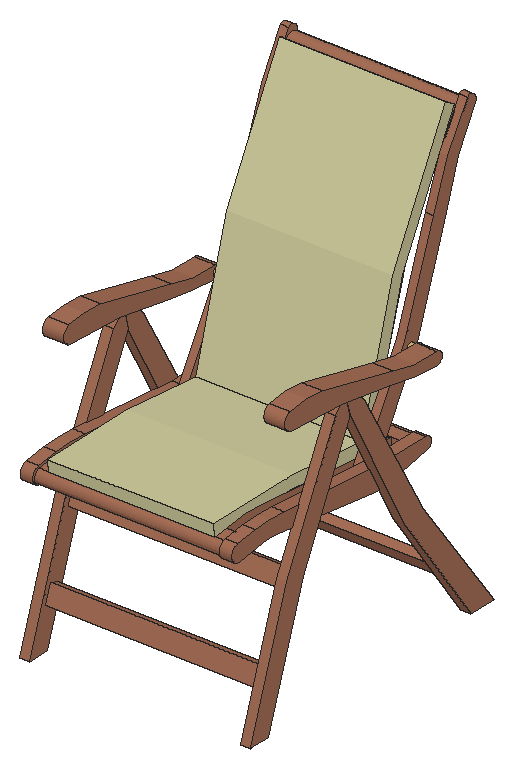
Revit family
Parameters
  vulring = vulring messing
  stoel = hout
  kussen visible [instance] = yes
  kussen [instance] = kussen
  diepte = 800 mm
  corner back [instance] = 120.00°
  breedte = 510 mm
  URL = "www.revitlog.nl"
Reference planes
  plane 1 "Center (Front/Back)": y = 0
  plane 2: z = 0
  plane 3 "Center (Left/Right)": x = 0
  plane 4 "zittinghoogte": z = 450
  plane 5 "voorzijde": y = -400
  plane 6 "achterzijde": y = 400
  plane 7 "links": x = -255
  plane 8 "rechts": x = 255
  plane 9: x = 200
  plane 10: x = -200
  plane 11: z = 396.869
  plane 12: y = 52.716
  plane 13: through (0, 52.716, 396.869) normal (0, 0.3746, 0.9272)
  plane 14: z = 632.702
  plane 15: y = -74.126
  plane 16: x = -267
  plane 17: x = 267
Forms (mm)
  Extrusion 1, solid, material "hout" <- "stoel"
    sketch origin (255, -778.439, 1200) x (0, -1, 0) y (0, 0, 1)
      loop
        line (-836.918, -780) -> (-966.655, -780)
        arc (-966.655, -780) -> (-981.59, -793.6) -> (-969.443, -809.739) r 15
        line (-969.443, -809.739) -> (-865.135, -829.464)
        arc (-865.135, -829.464) -> (-836.853, -832.525) -> (-808.441, -831.091) r 180
        line (-808.441, -831.091) -> (-517.882, -793.248)
        arc (-517.882, -793.248) -> (-495.458, -791.782) -> (-473.03, -793.202) r 175
        line (-473.03, -793.202) -> (-403.363, -802.133)
        arc (-403.363, -802.133) -> (-380.982, -784.838) -> (-398.277, -762.457) r 20
        line (-398.277, -762.457) -> (-451.548, -755.629)
        arc (-451.548, -755.629) -> (-495.507, -752.383) -> (-539.56, -753.875) r 410
        line (-539.56, -753.875) -> (-836.918, -780)
    from 0 to 30
  Extrusion 2, solid, material "hout" <- "stoel"
    sketch origin (-255, -778.439, 1200) x (0, -1, 0) y (0, 0, 1)
      loop
        line (-836.918, -780) -> (-966.655, -780)
        arc (-966.655, -780) -> (-981.59, -793.6) -> (-969.443, -809.739) r 15
        line (-969.443, -809.739) -> (-865.135, -829.464)
        arc (-865.135, -829.464) -> (-836.853, -832.525) -> (-808.441, -831.091) r 180
        line (-808.441, -831.091) -> (-517.882, -793.248)
        arc (-517.882, -793.248) -> (-495.458, -791.782) -> (-473.03, -793.202) r 175
        line (-473.03, -793.202) -> (-403.363, -802.133)
        arc (-403.363, -802.133) -> (-380.982, -784.838) -> (-398.277, -762.457) r 20
        line (-398.277, -762.457) -> (-451.548, -755.629)
        arc (-451.548, -755.629) -> (-495.507, -752.383) -> (-539.56, -753.875) r 410
        line (-539.56, -753.875) -> (-836.918, -780)
    from 0 to -30
  Extrusion 3, solid, material "hout" <- "stoel"
    sketch origin (0, 0, 0) x (0, 1, 0) y (0, 0, 1)
      loop
        line (-347.049, 438.763) -> (-379.781, 434.567)
        arc (-379.781, 434.567) -> (-394.481, 415.544) -> (-375.458, 400.843) r 17
        line (-375.458, 400.843) -> (-342.726, 405.039) -> (-347.049, 438.763)
    from -225 to 225
  Extrusion 4, solid, material "hout" <- "stoel"
    sketch origin (0, 0, 0) x (0, 1, 0) y (0, 0, 1)
      loop
        arc (188.216, 392.734) -> (200.349, 404.867) -> (188.216, 417) r 12.133
        line (188.216, 417) -> (150.216, 417) -> (150.216, 392.734) -> (188.216, 392.734)
    from -225 to 225
  Extrusion 5, solid, material "hout" <- "stoel"
    sketch origin (0, 0, 0) x (0, 1, 0) y (0, 0, 1)
      loop
        line (150.216, 415) -> (58.26, 415) -> (-239.317, 441.145)
        arc (-239.317, 441.145) -> (-282.833, 442.618) -> (-326.256, 439.412) r 405
        line (-326.256, 439.412) -> (-346.794, 436.779) -> (-343.997, 414.958) -> (-323.459, 417.59)
        arc (-323.459, 417.59) -> (-282.395, 420.623) -> (-241.242, 419.229) r 383
        line (-241.242, 419.229) -> (57.295, 393) -> (150.216, 393) -> (150.216, 415)
    from -200 to -165
  Extrusion 6, solid, material "hout" <- "stoel"
    sketch origin (320, 0, 0) x (0, 1, 0) y (0, 0, 1)
      loop
        line (150.216, 415) -> (58.26, 415) -> (-239.317, 441.145)
        arc (-239.317, 441.145) -> (-282.833, 442.618) -> (-326.256, 439.412) r 405
        line (-326.256, 439.412) -> (-346.794, 436.779) -> (-343.997, 414.958) -> (-323.459, 417.59)
        arc (-323.459, 417.59) -> (-282.395, 420.623) -> (-241.242, 419.229) r 383
        line (-241.242, 419.229) -> (57.295, 393) -> (150.216, 393) -> (150.216, 415)
    from -120 to -155
  Extrusion 7, solid, material "hout" <- "stoel"
    sketch origin (0, -1.735, 91.813) x (0, 0.994972, 0.100151) y (0, -0.100151, 0.994972)
      loop
        line (-273.781, 377.197) -> (-293.781, 377.197) -> (-293.781, 357.197) -> (-273.781, 357.197) -> (-273.781, 377.197)
    from -165 to 165
  Extrusion 8, solid, material "hout" <- "stoel"
    sketch origin (0, 16.804, 79.832) x (0, 0.998524, 0.054303) y (0, -0.054303, 0.998524)
      loop
        line (-273.781, 377.197) -> (-293.781, 377.197) -> (-293.781, 357.197) -> (-273.781, 357.197) -> (-273.781, 377.197)
    from -165 to 165
  Extrusion 9, solid, material "hout" <- "stoel"
    sketch origin (0, 16.407, 52.341) x (0, 0.999202, -0.039941) y (0, 0.039941, 0.999202)
      loop
        line (-273.781, 377.197) -> (-293.781, 377.197) -> (-293.781, 357.197) -> (-273.781, 357.197) -> (-273.781, 377.197)
    from -165 to 165
  Extrusion 10, solid, material "hout" <- "stoel"
    sketch origin (0, 32.997, 37.938) x (0, 0.996271, -0.086277) y (0, 0.086277, 0.996271)
      loop
        line (-273.781, 377.197) -> (-293.781, 377.197) -> (-293.781, 357.197) -> (-273.781, 357.197) -> (-273.781, 377.197)
    from -165 to 165
  Extrusion 11, solid, material "hout" <- "stoel"
    sketch origin (0, 67.862, 34.874) x (0, 0.996271, -0.086277) y (0, 0.086277, 0.996271)
      loop
        line (-273.781, 377.197) -> (-293.781, 377.197) -> (-293.781, 357.197) -> (-273.781, 357.197) -> (-273.781, 377.197)
    from -165 to 165
  Extrusion 12, solid, material "hout" <- "stoel"
    sketch origin (0, 102.728, 31.811) x (0, 0.996271, -0.086277) y (0, 0.086277, 0.996271)
      loop
        line (-273.781, 377.197) -> (-293.781, 377.197) -> (-293.781, 357.197) -> (-273.781, 357.197) -> (-273.781, 377.197)
    from -165 to 165
  Extrusion 13, solid, material "hout" <- "stoel"
    sketch origin (0, 137.594, 28.748) x (0, 0.996271, -0.086277) y (0, 0.086277, 0.996271)
      loop
        line (-273.781, 377.197) -> (-293.781, 377.197) -> (-293.781, 357.197) -> (-273.781, 357.197) -> (-273.781, 377.197)
    from -165 to 165
  Extrusion 14, solid, material "hout" <- "stoel"
    sketch origin (0, 172.459, 25.685) x (0, 0.996271, -0.086277) y (0, 0.086277, 0.996271)
      loop
        line (-273.781, 377.197) -> (-293.781, 377.197) -> (-293.781, 357.197) -> (-273.781, 357.197) -> (-273.781, 377.197)
    from -165 to 165
  Extrusion 15, solid, material "hout" <- "stoel"
    sketch origin (0, 207.325, 22.621) x (0, 0.996271, -0.086277) y (0, 0.086277, 0.996271)
      loop
        line (-273.781, 377.197) -> (-293.781, 377.197) -> (-293.781, 357.197) -> (-273.781, 357.197) -> (-273.781, 377.197)
    from -165 to 165
  Extrusion 16, solid, material "hout" <- "stoel"
    sketch origin (0, 242.191, 19.558) x (0, 0.996271, -0.086277) y (0, 0.086277, 0.996271)
      loop
        line (-273.781, 377.197) -> (-293.781, 377.197) -> (-293.781, 357.197) -> (-273.781, 357.197) -> (-273.781, 377.197)
    from -165 to 165
  Extrusion 17, solid, material "hout" <- "stoel"
    sketch origin (0, 277.056, 16.495) x (0, 0.996271, -0.086277) y (0, 0.086277, 0.996271)
      loop
        line (-273.781, 377.197) -> (-293.781, 377.197) -> (-293.781, 357.197) -> (-273.781, 357.197) -> (-273.781, 377.197)
    from -165 to 165
  Extrusion 18, solid, material "hout" <- "stoel"
    sketch origin (0, 332.656, 27.615) x (0, 0.999478, -0.0323) y (0, 0.0323, 0.999478)
      loop
        line (-273.781, 377.197) -> (-293.781, 377.197) -> (-293.781, 357.197) -> (-273.781, 357.197) -> (-273.781, 377.197)
    from -165 to 165
  Extrusion 19, solid, material "hout" <- "stoel"
    sketch origin (0, 379.993, 36.908) x (0, 1, 0) y (0, 0, 1)
      loop
        line (-273.781, 377.197) -> (-293.781, 377.197) -> (-293.781, 357.197) -> (-273.781, 357.197) -> (-273.781, 377.197)
    from -165 to 165
  Extrusion 20, solid, material "hout" <- "stoel"
    sketch origin (0, 414.993, 36.908) x (0, 1, 0) y (0, 0, 1)
      loop
        line (-273.781, 377.197) -> (-293.781, 377.197) -> (-293.781, 357.197) -> (-273.781, 357.197) -> (-273.781, 377.197)
    from -165 to 165
  Extrusion 21, solid, material "hout" <- "stoel", not visible
    sketch origin (0, 32.997, 37.938) x (0, 0.996271, -0.086277) y (0, 0.086277, 0.996271)
      loop
        line (-273.781, 377.197) -> (-293.781, 377.197) -> (-293.781, 357.197) -> (-273.781, 357.197) -> (-273.781, 377.197)
    from -165 to 165
  Extrusion 22, solid, material "hout" <- "stoel", not visible
    sketch origin (255, -778.439, 1200) x (0, -1, 0) y (0, 0, 1)
      loop
        line (-836.918, -780) -> (-966.655, -780)
        arc (-966.655, -780) -> (-981.59, -793.6) -> (-969.443, -809.739) r 15
        line (-969.443, -809.739) -> (-865.135, -829.464)
        arc (-865.135, -829.464) -> (-836.853, -832.525) -> (-808.441, -831.091) r 180
        line (-808.441, -831.091) -> (-517.882, -793.248)
        arc (-517.882, -793.248) -> (-495.458, -791.782) -> (-473.03, -793.202) r 175
        line (-473.03, -793.202) -> (-403.363, -802.133)
        arc (-403.363, -802.133) -> (-380.982, -784.838) -> (-398.277, -762.457) r 20
        line (-398.277, -762.457) -> (-451.548, -755.629)
        arc (-451.548, -755.629) -> (-495.507, -752.383) -> (-539.56, -753.875) r 410
        line (-539.56, -753.875) -> (-836.918, -780)
    from 0 to 30
  Extrusion 23, solid, material "hout" <- "stoel", not visible
    sketch origin (-255, -778.439, 1200) x (0, -1, 0) y (0, 0, 1)
      loop
        line (-836.918, -780) -> (-966.655, -780)
        arc (-966.655, -780) -> (-981.59, -793.6) -> (-969.443, -809.739) r 15
        line (-969.443, -809.739) -> (-865.135, -829.464)
        arc (-865.135, -829.464) -> (-836.853, -832.525) -> (-808.441, -831.091) r 180
        line (-808.441, -831.091) -> (-517.882, -793.248)
        arc (-517.882, -793.248) -> (-495.458, -791.782) -> (-473.03, -793.202) r 175
        line (-473.03, -793.202) -> (-403.363, -802.133)
        arc (-403.363, -802.133) -> (-380.982, -784.838) -> (-398.277, -762.457) r 20
        line (-398.277, -762.457) -> (-451.548, -755.629)
        arc (-451.548, -755.629) -> (-495.507, -752.383) -> (-539.56, -753.875) r 410
        line (-539.56, -753.875) -> (-836.918, -780)
    from 0 to -30
  Extrusion 24, solid, material "hout" <- "stoel", not visible
    sketch origin (0, 0, 0) x (0, 1, 0) y (0, 0, 1)
      loop
        line (-347.049, 438.763) -> (-379.781, 434.567)
        arc (-379.781, 434.567) -> (-394.481, 415.544) -> (-375.458, 400.843) r 17
        line (-375.458, 400.843) -> (-342.726, 405.039) -> (-347.049, 438.763)
    from -225 to 225
  Extrusion 25, solid, material "hout" <- "stoel", not visible
    sketch origin (0, 0, 0) x (0, 1, 0) y (0, 0, 1)
      loop
        arc (188.216, 392.734) -> (200.349, 404.867) -> (188.216, 417) r 12.133
        line (188.216, 417) -> (150.216, 417) -> (150.216, 392.734) -> (188.216, 392.734)
    from -225 to 225
  Extrusion 26, solid, material "hout" <- "stoel", not visible
    sketch origin (0, 0, 0) x (0, 1, 0) y (0, 0, 1)
      loop
        line (150.216, 415) -> (58.26, 415) -> (-239.317, 441.145)
        arc (-239.317, 441.145) -> (-282.833, 442.618) -> (-326.256, 439.412) r 405
        line (-326.256, 439.412) -> (-346.794, 436.779) -> (-343.997, 414.958) -> (-323.459, 417.59)
        arc (-323.459, 417.59) -> (-282.395, 420.623) -> (-241.242, 419.229) r 383
        line (-241.242, 419.229) -> (57.295, 393) -> (150.216, 393) -> (150.216, 415)
    from -200 to -165
  Extrusion 27, solid, material "hout" <- "stoel", not visible
    sketch origin (320, 0, 0) x (0, 1, 0) y (0, 0, 1)
      loop
        line (150.216, 415) -> (58.26, 415) -> (-239.317, 441.145)
        arc (-239.317, 441.145) -> (-282.833, 442.618) -> (-326.256, 439.412) r 405
        line (-326.256, 439.412) -> (-346.794, 436.779) -> (-343.997, 414.958) -> (-323.459, 417.59)
        arc (-323.459, 417.59) -> (-282.395, 420.623) -> (-241.242, 419.229) r 383
        line (-241.242, 419.229) -> (57.295, 393) -> (150.216, 393) -> (150.216, 415)
    from -120 to -155
  Extrusion 28, solid, material "hout" <- "stoel", not visible
    sketch origin (0, -1.735, 91.813) x (0, 0.994972, 0.100151) y (0, -0.100151, 0.994972)
      loop
        line (-273.781, 377.197) -> (-293.781, 377.197) -> (-293.781, 357.197) -> (-273.781, 357.197) -> (-273.781, 377.197)
    from -165 to 165
  Extrusion 29, solid, material "hout" <- "stoel", not visible
    sketch origin (0, 16.804, 79.832) x (0, 0.998524, 0.054303) y (0, -0.054303, 0.998524)
      loop
        line (-273.781, 377.197) -> (-293.781, 377.197) -> (-293.781, 357.197) -> (-273.781, 357.197) -> (-273.781, 377.197)
    from -165 to 165
  Extrusion 30, solid, material "hout" <- "stoel", not visible
    sketch origin (0, 16.407, 52.341) x (0, 0.999202, -0.039941) y (0, 0.039941, 0.999202)
      loop
        line (-273.781, 377.197) -> (-293.781, 377.197) -> (-293.781, 357.197) -> (-273.781, 357.197) -> (-273.781, 377.197)
    from -165 to 165
  Extrusion 31, solid, material "hout" <- "stoel", not visible
    sketch origin (0, 32.997, 37.938) x (0, 0.996271, -0.086277) y (0, 0.086277, 0.996271)
      loop
        line (-273.781, 377.197) -> (-293.781, 377.197) -> (-293.781, 357.197) -> (-273.781, 357.197) -> (-273.781, 377.197)
    from -165 to 165
  Extrusion 32, solid, material "hout" <- "stoel", not visible
    sketch origin (0, 67.862, 34.874) x (0, 0.996271, -0.086277) y (0, 0.086277, 0.996271)
      loop
        line (-273.781, 377.197) -> (-293.781, 377.197) -> (-293.781, 357.197) -> (-273.781, 357.197) -> (-273.781, 377.197)
    from -165 to 165
  Extrusion 33, solid, material "hout" <- "stoel", not visible
    sketch origin (0, 102.728, 31.811) x (0, 0.996271, -0.086277) y (0, 0.086277, 0.996271)
      loop
        line (-273.781, 377.197) -> (-293.781, 377.197) -> (-293.781, 357.197) -> (-273.781, 357.197) -> (-273.781, 377.197)
    from -165 to 165
  Extrusion 34, solid, material "hout" <- "stoel", not visible
    sketch origin (0, 137.594, 28.748) x (0, 0.996271, -0.086277) y (0, 0.086277, 0.996271)
      loop
        line (-273.781, 377.197) -> (-293.781, 377.197) -> (-293.781, 357.197) -> (-273.781, 357.197) -> (-273.781, 377.197)
    from -165 to 165
  Extrusion 35, solid, material "hout" <- "stoel", not visible
    sketch origin (0, 172.459, 25.685) x (0, 0.996271, -0.086277) y (0, 0.086277, 0.996271)
      loop
        line (-273.781, 377.197) -> (-293.781, 377.197) -> (-293.781, 357.197) -> (-273.781, 357.197) -> (-273.781, 377.197)
    from -165 to 165
  Extrusion 36, solid, material "hout" <- "stoel", not visible
    sketch origin (0, 207.325, 22.621) x (0, 0.996271, -0.086277) y (0, 0.086277, 0.996271)
      loop
        line (-273.781, 377.197) -> (-293.781, 377.197) -> (-293.781, 357.197) -> (-273.781, 357.197) -> (-273.781, 377.197)
    from -165 to 165
  Extrusion 37, solid, material "hout" <- "stoel", not visible
    sketch origin (0, 242.191, 19.558) x (0, 0.996271, -0.086277) y (0, 0.086277, 0.996271)
      loop
        line (-273.781, 377.197) -> (-293.781, 377.197) -> (-293.781, 357.197) -> (-273.781, 357.197) -> (-273.781, 377.197)
    from -165 to 165
  Extrusion 38, solid, material "hout" <- "stoel", not visible
    sketch origin (0, 277.056, 16.495) x (0, 0.996271, -0.086277) y (0, 0.086277, 0.996271)
      loop
        line (-273.781, 377.197) -> (-293.781, 377.197) -> (-293.781, 357.197) -> (-273.781, 357.197) -> (-273.781, 377.197)
    from -165 to 165
  Extrusion 39, solid, material "hout" <- "stoel", not visible
    sketch origin (0, 332.656, 27.615) x (0, 0.999478, -0.0323) y (0, 0.0323, 0.999478)
      loop
        line (-273.781, 377.197) -> (-293.781, 377.197) -> (-293.781, 357.197) -> (-273.781, 357.197) -> (-273.781, 377.197)
    from -165 to 165
  Extrusion 40, solid, material "hout" <- "stoel", not visible
    sketch origin (0, 379.993, 36.908) x (0, 1, 0) y (0, 0, 1)
      loop
        line (-273.781, 377.197) -> (-293.781, 377.197) -> (-293.781, 357.197) -> (-273.781, 357.197) -> (-273.781, 377.197)
    from -165 to 165
  Extrusion 41, solid, material "hout" <- "stoel", not visible
    sketch origin (0, 414.993, 36.908) x (0, 1, 0) y (0, 0, 1)
      loop
        line (-273.781, 377.197) -> (-293.781, 377.197) -> (-293.781, 357.197) -> (-273.781, 357.197) -> (-273.781, 377.197)
    from -165 to 165
  Extrusion 42, solid, material "hout" <- "stoel"
    sketch origin (0, -222.354, -25.584) x (0, 0.939693, -0.34202) y (0, 0.34202, 0.939693)
      loop
        line (-120.177, 86.263) -> (-120.177, 131.263) -> (-140.177, 131.263) -> (-140.177, 86.263) -> (-120.177, 86.263)
    from -255 to 255
  Extrusion 43, solid, material "hout" <- "stoel"
    sketch origin (0, 403.813, 106.728) x (0, 0.809017, 0.587785) y (0, -0.587785, 0.809017)
      loop
        line (-120.177, 86.263) -> (-120.177, 131.263) -> (-140.177, 131.263) -> (-140.177, 86.263) -> (-120.177, 86.263)
    from -255 to 255
  Extrusion 44, solid, material "hout" <- "stoel"
    sketch origin (0, -161.371, 153.681) x (0, 0.920505, -0.390731) y (0, 0.390731, 0.920505)
      loop
        line (-120.177, 86.263) -> (-120.177, 131.263) -> (-140.177, 131.263) -> (-140.177, 86.263) -> (-120.177, 86.263)
    from -255 to 255
  Extrusion 45, solid, material "hout", not visible, detail levels coarse
    sketch origin (0, -74.126, 632.702) x (0, 0.995529, -0.094456) y (0, 0.094456, 0.995529)
      loop
        line (250.461, 0) -> (0, 0) -> (0, -18.954) -> (250.461, -7.33) -> (250.461, 0)
    from 871.472 to 967.246
  Extrusion 46, solid, material "vulring messing" <- "vulring"
    sketch origin (0, -74.126, 632.702) x (0, 0.995529, -0.094456) y (0, 0.094456, 0.995529)
      loop
        circle (250.461, 0) r 10
    from -242 to -225
  Extrusion 47, solid, material "vulring messing" <- "vulring"
    sketch origin (0, -74.126, 632.702) x (0, 0.995529, -0.094456) y (0, 0.094456, 0.995529)
      loop
        circle (250.461, 0) r 10
    from 225 to 242
  Extrusion 48, solid, material "kussen" <- "kussen", visible <- "kussen visible"
    sketch origin (0, 0, 0) x (0, 1, 0) y (0, 0, 1)
      loop
        arc (-380.809, 432.419) -> (-148.011, 436.361) -> (83.623, 412.772) r 1967.257
        line (83.623, 412.772) -> (88.424, 442.385)
        arc (88.424, 442.385) -> (-146.743, 466.334) -> (-383.091, 462.332) r 1997.257
        line (-383.091, 462.332) -> (-380.809, 432.419)
    from -200 to 200
  Extrusion 49, solid, material "kussen" <- "kussen", visible <- "kussen visible"
    sketch origin (0, 52.716, 396.869) x (0, 0.5, 0.866025) y (0, -0.866025, 0.5)
      loop
        arc (43.515, -17.659) -> (373.053, 63.055) -> (711.993, 78.229) r 1738.548
        line (711.993, 78.229) -> (713.582, 108.187)
        arc (713.582, 108.187) -> (368.794, 92.751) -> (33.569, 10.645) r 1768.548
        line (33.569, 10.645) -> (43.515, -17.659)
    from -200 to 200
Lines and regions (mm)
  reference lines
    curve 1: line (0, 52.716, 396.869) -> (0, 622.716, 1384.137)
    curve 2: line (0, -74.126, 632.702) -> (0, 175.216, 609.045)
Dimensions and locks
  plane 4 "zittinghoogte" to level = 450 mm
  equal spacing: plane 6 "achterzijde", plane 1 "Center (Front/Back)", plane 5 "voorzijde"
  "diepte": plane 6 "achterzijde" to plane 5 "voorzijde"
  equal spacing: plane 7 "links", plane 3 "Center (Left/Right)", plane 8 "rechts"
  "breedte": plane 7 "links" to plane 8 "rechts"
  locked: plane 9 to Extrusion 1 at 25
  locked: Extrusion 2 to plane 10 at 25
  equal spacing: group 1, group 2, group 3, group 4, group 5, group 6, group 7, group 8  (x2)
  equal spacing: group 8, group 7, group 6, group 5, group 4, group 3, group 2, group 1
  equal spacing: group 11, group 12, group 13, group 14, group 15, group 16, group 17, group 18  (x2)
  equal spacing: group 18, group 17, group 16, group 15, group 14, group 13, group 12, group 11
  plane 16 to plane 7 "links" = 12 mm
  plane 8 "rechts" to plane 17 = 12 mm
  curve 2 to curve 1 = 245 mm
  "corner back": angle plane 11 to curve 1
  aligned and locked: Extrusion 3 to Extrusion 1
  aligned and locked: Extrusion 3 to Extrusion 2
  aligned and locked: Extrusion 4 to Extrusion 1
  aligned and locked: Extrusion 4 to Extrusion 2
  aligned and locked: plane 10 to Extrusion 5
  aligned and locked: Extrusion 6 to plane 9
  aligned and locked: Extrusion 7 to Extrusion 6
  aligned and locked: Extrusion 7 to Extrusion 5
  aligned and locked: plane 7 "links" to nested 1
  aligned and locked: plane 8 "rechts" to nested 2
  aligned and locked: plane 7 "links" to Extrusion 42
  aligned and locked: Extrusion 42 to plane 8 "rechts"
  aligned and locked: curve 1 to curve 2
  aligned and locked: Extrusion 45 to curve 2  (x2)
  aligned and locked: nested 4 to plane 16
  aligned and locked: Extrusion 46 to nested 3
  aligned and locked: Extrusion 46 to nested 4
  aligned and locked: nested 5 to plane 17
  aligned and locked: Extrusion 47 to nested 5
  aligned and locked: nested 3 to Extrusion 47
  aligned and locked: plane 10 to Extrusion 48
  aligned and locked: Extrusion 48 to plane 9
  aligned and locked: plane 10 to Extrusion 49
  aligned and locked: Extrusion 49 to plane 9
Automatic sketch dimensions
  Extrusion 10 sketch curve to Extrusion 10 sketch curve = 20 mm  (x2)
  Extrusion 11 sketch curve to Extrusion 11 sketch curve = 20 mm  (x2)
  Extrusion 12 sketch curve to Extrusion 12 sketch curve = 20 mm  (x2)
  Extrusion 13 sketch curve to Extrusion 13 sketch curve = 20 mm  (x2)
  Extrusion 14 sketch curve to Extrusion 14 sketch curve = 20 mm  (x2)
  Extrusion 15 sketch curve to Extrusion 15 sketch curve = 20 mm  (x2)
  Extrusion 16 sketch curve to Extrusion 16 sketch curve = 20 mm  (x2)
  Extrusion 17 sketch curve to Extrusion 17 sketch curve = 20 mm  (x2)
  Extrusion 1 sketch curve to Extrusion 1 sketch curve = 2.787 mm
  Extrusion 1 sketch curve to Extrusion 1 sketch curve = 28.217 mm
  Extrusion 1 sketch curve to Extrusion 1 sketch curve = 21.678 mm
  Extrusion 1 sketch curve to Extrusion 1 sketch curve = 44.852 mm
  Extrusion 1 sketch curve to Extrusion 1 sketch curve = 2.543 mm  (x2)
  Extrusion 1 sketch curve to Extrusion 1 sketch curve = 195.519 mm
  Extrusion 1 sketch curve to Extrusion 1 sketch curve = 51.091 mm
  Extrusion 1 sketch curve to Extrusion 1 sketch curve = 1.627 mm
  Extrusion 1 sketch curve to Extrusion 1 sketch curve = 39.675 mm
  Extrusion 2 sketch curve to Extrusion 2 sketch curve = 2.787 mm
  Extrusion 2 sketch curve to Extrusion 2 sketch curve = 28.217 mm
  Extrusion 2 sketch curve to Extrusion 2 sketch curve = 21.678 mm
  Extrusion 2 sketch curve to Extrusion 2 sketch curve = 44.852 mm
  Extrusion 2 sketch curve to Extrusion 2 sketch curve = 2.543 mm  (x2)
  Extrusion 2 sketch curve to Extrusion 2 sketch curve = 195.519 mm
  Extrusion 2 sketch curve to Extrusion 2 sketch curve = 51.091 mm
  Extrusion 2 sketch curve to Extrusion 2 sketch curve = 1.627 mm
  Extrusion 2 sketch curve to Extrusion 2 sketch curve = 39.675 mm
  Extrusion 3 sketch curve to Extrusion 3 sketch curve = 2.161 mm  (x2)
  Extrusion 3 sketch curve to Extrusion 3 sketch curve = 32.732 mm  (x2)
  Extrusion 3 sketch curve to Extrusion 3 sketch curve = 4.196 mm
  Extrusion 4 sketch curve to Extrusion 4 sketch curve = 38 mm
  Extrusion 4 sketch curve to Extrusion 4 sketch curve = 12.133 mm
  Extrusion 5 sketch curve to Extrusion 5 sketch curve = 0 mm  (x4)
  Extrusion 5 sketch curve to Extrusion 5 sketch curve = 2.797 mm
  Extrusion 5 sketch curve to Extrusion 5 sketch curve = 0.965 mm
  Extrusion 5 sketch curve to Extrusion 5 sketch curve = 92.921 mm
  Extrusion 5 sketch curve to Extrusion 5 sketch curve = 22 mm
  Extrusion 6 sketch curve to Extrusion 6 sketch curve = 0 mm  (x4)
  Extrusion 6 sketch curve to Extrusion 6 sketch curve = 2.797 mm
  Extrusion 6 sketch curve to Extrusion 6 sketch curve = 0.965 mm
  Extrusion 6 sketch curve to Extrusion 6 sketch curve = 92.921 mm
  Extrusion 6 sketch curve to Extrusion 6 sketch curve = 22 mm
  Extrusion 7 sketch curve to Extrusion 7 sketch curve = 20 mm  (x2)
  Extrusion 8 sketch curve to Extrusion 8 sketch curve = 20 mm  (x2)
  Extrusion 9 sketch curve to Extrusion 9 sketch curve = 20 mm  (x2)
  Extrusion 18 sketch curve to Extrusion 18 sketch curve = 20 mm  (x2)
  Extrusion 19 sketch curve to Extrusion 19 sketch curve = 20 mm  (x2)
  Extrusion 20 sketch curve to Extrusion 20 sketch curve = 20 mm  (x2)
  Extrusion 1 sketch curve to Extrusion 1 sketch curve = 104.307 mm
  Extrusion 1 sketch curve to Extrusion 1 sketch curve = 5.229 mm
  Extrusion 1 sketch curve to Extrusion 1 sketch curve = 56.694 mm
  Extrusion 1 sketch curve to Extrusion 1 sketch curve = 268.881 mm
  Extrusion 1 sketch curve to Extrusion 1 sketch curve = 14.206 mm
  Extrusion 1 sketch curve to Extrusion 1 sketch curve = 22.25 mm
  Extrusion 1 sketch curve to Extrusion 1 sketch curve = 21.483 mm
  Extrusion 1 sketch curve to Extrusion 1 sketch curve = 48.185 mm
  Extrusion 1 sketch curve to Extrusion 1 sketch curve = 135.691 mm
  Extrusion 1 sketch curve to Extrusion 1 sketch curve = 29.739 mm
  Extrusion 1 sketch curve to Extrusion 1 sketch curve = 164.65 mm
  Extrusion 1 sketch curve to Extrusion 1 sketch curve = 8.885 mm
  Extrusion 1 sketch curve to Extrusion 1 sketch curve = 37.574 mm
  Extrusion 2 sketch curve to Extrusion 2 sketch curve = 104.307 mm
  Extrusion 2 sketch curve to Extrusion 2 sketch curve = 5.229 mm
  Extrusion 2 sketch curve to Extrusion 2 sketch curve = 56.694 mm
  Extrusion 2 sketch curve to Extrusion 2 sketch curve = 268.881 mm
  Extrusion 2 sketch curve to Extrusion 2 sketch curve = 14.206 mm
  Extrusion 2 sketch curve to Extrusion 2 sketch curve = 22.25 mm
  Extrusion 2 sketch curve to Extrusion 2 sketch curve = 21.483 mm
  Extrusion 2 sketch curve to Extrusion 2 sketch curve = 48.185 mm
  Extrusion 2 sketch curve to Extrusion 2 sketch curve = 135.691 mm
  Extrusion 2 sketch curve to Extrusion 2 sketch curve = 29.739 mm
  Extrusion 2 sketch curve to Extrusion 2 sketch curve = 164.65 mm
  Extrusion 2 sketch curve to Extrusion 2 sketch curve = 8.885 mm
  Extrusion 2 sketch curve to Extrusion 2 sketch curve = 37.574 mm
  Extrusion 5 sketch curve to Extrusion 5 sketch curve = 20.539 mm  (x2)
  Extrusion 5 sketch curve to Extrusion 5 sketch curve = 48.696 mm
  Extrusion 5 sketch curve to Extrusion 5 sketch curve = 82.216 mm
  Extrusion 5 sketch curve to Extrusion 5 sketch curve = 1.925 mm
  Extrusion 5 sketch curve to Extrusion 5 sketch curve = 298.537 mm
  Extrusion 5 sketch curve to Extrusion 5 sketch curve = 355.301 mm
  Extrusion 5 sketch curve to Extrusion 5 sketch curve = 377.259 mm
  Extrusion 5 sketch curve to Extrusion 5 sketch curve = 2.633 mm
  Extrusion 6 sketch curve to Extrusion 6 sketch curve = 20.539 mm  (x2)
  Extrusion 6 sketch curve to Extrusion 6 sketch curve = 48.696 mm
  Extrusion 6 sketch curve to Extrusion 6 sketch curve = 82.216 mm
  Extrusion 6 sketch curve to Extrusion 6 sketch curve = 1.925 mm
  Extrusion 6 sketch curve to Extrusion 6 sketch curve = 298.537 mm
  Extrusion 6 sketch curve to Extrusion 6 sketch curve = 355.301 mm
  Extrusion 6 sketch curve to Extrusion 6 sketch curve = 377.259 mm
  Extrusion 6 sketch curve to Extrusion 6 sketch curve = 2.633 mm
  Extrusion 21 sketch curve to Extrusion 21 sketch curve = 20 mm  (x2)
  Extrusion 31 sketch curve to Extrusion 31 sketch curve = 20 mm  (x2)
  Extrusion 32 sketch curve to Extrusion 32 sketch curve = 20 mm  (x2)
  Extrusion 33 sketch curve to Extrusion 33 sketch curve = 20 mm  (x2)
  Extrusion 34 sketch curve to Extrusion 34 sketch curve = 20 mm  (x2)
  Extrusion 35 sketch curve to Extrusion 35 sketch curve = 20 mm  (x2)
  Extrusion 36 sketch curve to Extrusion 36 sketch curve = 20 mm  (x2)
  Extrusion 37 sketch curve to Extrusion 37 sketch curve = 20 mm  (x2)
  Extrusion 38 sketch curve to Extrusion 38 sketch curve = 20 mm  (x2)
  Extrusion 22 sketch curve to Extrusion 22 sketch curve = 2.787 mm
  Extrusion 22 sketch curve to Extrusion 22 sketch curve = 28.217 mm
  Extrusion 22 sketch curve to Extrusion 22 sketch curve = 21.678 mm
  Extrusion 22 sketch curve to Extrusion 22 sketch curve = 44.852 mm
  Extrusion 22 sketch curve to Extrusion 22 sketch curve = 2.543 mm  (x2)
  Extrusion 22 sketch curve to Extrusion 22 sketch curve = 195.519 mm
  Extrusion 22 sketch curve to Extrusion 22 sketch curve = 51.091 mm
  Extrusion 22 sketch curve to Extrusion 22 sketch curve = 1.627 mm
  Extrusion 22 sketch curve to Extrusion 22 sketch curve = 39.675 mm
  Extrusion 23 sketch curve to Extrusion 23 sketch curve = 2.787 mm
  Extrusion 23 sketch curve to Extrusion 23 sketch curve = 28.217 mm
  Extrusion 23 sketch curve to Extrusion 23 sketch curve = 21.678 mm
  Extrusion 23 sketch curve to Extrusion 23 sketch curve = 44.852 mm
  Extrusion 23 sketch curve to Extrusion 23 sketch curve = 2.543 mm  (x2)
  Extrusion 23 sketch curve to Extrusion 23 sketch curve = 195.519 mm
  Extrusion 23 sketch curve to Extrusion 23 sketch curve = 51.091 mm
  Extrusion 23 sketch curve to Extrusion 23 sketch curve = 1.627 mm
  Extrusion 23 sketch curve to Extrusion 23 sketch curve = 39.675 mm
  Extrusion 24 sketch curve to Extrusion 24 sketch curve = 2.161 mm  (x2)
  Extrusion 24 sketch curve to Extrusion 24 sketch curve = 32.732 mm  (x2)
  Extrusion 24 sketch curve to Extrusion 24 sketch curve = 4.196 mm
  Extrusion 25 sketch curve to Extrusion 25 sketch curve = 38 mm
  Extrusion 25 sketch curve to Extrusion 25 sketch curve = 12.133 mm
  Extrusion 26 sketch curve to Extrusion 26 sketch curve = 0 mm  (x4)
  Extrusion 26 sketch curve to Extrusion 26 sketch curve = 2.797 mm
  Extrusion 26 sketch curve to Extrusion 26 sketch curve = 0.965 mm
  Extrusion 26 sketch curve to Extrusion 26 sketch curve = 92.921 mm
  Extrusion 26 sketch curve to Extrusion 26 sketch curve = 22 mm
  Extrusion 27 sketch curve to Extrusion 27 sketch curve = 0 mm  (x4)
  Extrusion 27 sketch curve to Extrusion 27 sketch curve = 2.797 mm
  Extrusion 27 sketch curve to Extrusion 27 sketch curve = 0.965 mm
  Extrusion 27 sketch curve to Extrusion 27 sketch curve = 92.921 mm
  Extrusion 27 sketch curve to Extrusion 27 sketch curve = 22 mm
  Extrusion 28 sketch curve to Extrusion 28 sketch curve = 20 mm  (x2)
  Extrusion 29 sketch curve to Extrusion 29 sketch curve = 20 mm  (x2)
  Extrusion 30 sketch curve to Extrusion 30 sketch curve = 20 mm  (x2)
  Extrusion 39 sketch curve to Extrusion 39 sketch curve = 20 mm  (x2)
  Extrusion 40 sketch curve to Extrusion 40 sketch curve = 20 mm  (x2)
  Extrusion 41 sketch curve to Extrusion 41 sketch curve = 20 mm  (x2)
  Extrusion 22 sketch curve to Extrusion 22 sketch curve = 104.307 mm
  Extrusion 22 sketch curve to Extrusion 22 sketch curve = 5.229 mm
  Extrusion 22 sketch curve to Extrusion 22 sketch curve = 56.694 mm
  Extrusion 22 sketch curve to Extrusion 22 sketch curve = 268.881 mm
  Extrusion 22 sketch curve to Extrusion 22 sketch curve = 14.206 mm
  Extrusion 22 sketch curve to Extrusion 22 sketch curve = 22.25 mm
  Extrusion 22 sketch curve to Extrusion 22 sketch curve = 21.483 mm
  Extrusion 22 sketch curve to Extrusion 22 sketch curve = 48.185 mm
  Extrusion 22 sketch curve to Extrusion 22 sketch curve = 135.691 mm
  Extrusion 22 sketch curve to Extrusion 22 sketch curve = 29.739 mm
  Extrusion 22 sketch curve to Extrusion 22 sketch curve = 164.65 mm
  Extrusion 22 sketch curve to Extrusion 22 sketch curve = 8.885 mm
  Extrusion 22 sketch curve to Extrusion 22 sketch curve = 37.574 mm
  Extrusion 23 sketch curve to Extrusion 23 sketch curve = 104.307 mm
  Extrusion 23 sketch curve to Extrusion 23 sketch curve = 5.229 mm
  Extrusion 23 sketch curve to Extrusion 23 sketch curve = 56.694 mm
  Extrusion 23 sketch curve to Extrusion 23 sketch curve = 268.881 mm
  Extrusion 23 sketch curve to Extrusion 23 sketch curve = 14.206 mm
  Extrusion 23 sketch curve to Extrusion 23 sketch curve = 22.25 mm
  Extrusion 23 sketch curve to Extrusion 23 sketch curve = 21.483 mm
  Extrusion 23 sketch curve to Extrusion 23 sketch curve = 48.185 mm
  Extrusion 23 sketch curve to Extrusion 23 sketch curve = 135.691 mm
  Extrusion 23 sketch curve to Extrusion 23 sketch curve = 29.739 mm
  Extrusion 23 sketch curve to Extrusion 23 sketch curve = 164.65 mm
  Extrusion 23 sketch curve to Extrusion 23 sketch curve = 8.885 mm
  Extrusion 23 sketch curve to Extrusion 23 sketch curve = 37.574 mm
  Extrusion 26 sketch curve to Extrusion 26 sketch curve = 20.539 mm  (x2)
  Extrusion 26 sketch curve to Extrusion 26 sketch curve = 48.696 mm
  Extrusion 26 sketch curve to Extrusion 26 sketch curve = 82.216 mm
  Extrusion 26 sketch curve to Extrusion 26 sketch curve = 1.925 mm
  Extrusion 26 sketch curve to Extrusion 26 sketch curve = 298.537 mm
  Extrusion 26 sketch curve to Extrusion 26 sketch curve = 355.301 mm
  Extrusion 26 sketch curve to Extrusion 26 sketch curve = 377.259 mm
  Extrusion 26 sketch curve to Extrusion 26 sketch curve = 2.633 mm
  Extrusion 27 sketch curve to Extrusion 27 sketch curve = 20.539 mm  (x2)
  Extrusion 27 sketch curve to Extrusion 27 sketch curve = 48.696 mm
  Extrusion 27 sketch curve to Extrusion 27 sketch curve = 82.216 mm
  Extrusion 27 sketch curve to Extrusion 27 sketch curve = 1.925 mm
  Extrusion 27 sketch curve to Extrusion 27 sketch curve = 298.537 mm
  Extrusion 27 sketch curve to Extrusion 27 sketch curve = 355.301 mm
  Extrusion 27 sketch curve to Extrusion 27 sketch curve = 377.259 mm
  Extrusion 27 sketch curve to Extrusion 27 sketch curve = 2.633 mm
  Extrusion 42 sketch curve to plane 5 "voorzijde" = 75.426 mm
  level to Extrusion 42 sketch curve = 103.42 mm
  Extrusion 42 sketch curve to Extrusion 42 sketch curve = 20 mm
  Extrusion 42 sketch curve to Extrusion 42 sketch curve = 45 mm
  level to Extrusion 43 sketch curve = 94.122 mm
  plane 6 "achterzijde" to Extrusion 43 sketch curve = 160.297 mm
  Extrusion 43 sketch curve to Extrusion 43 sketch curve = 20 mm
  Extrusion 43 sketch curve to Extrusion 43 sketch curve = 45 mm
  Extrusion 44 sketch curve to plane 11 = 109.011 mm
  Extrusion 44 sketch curve to plane 5 "voorzijde" = 143.301 mm
  Extrusion 44 sketch curve to Extrusion 44 sketch curve = 20 mm
  Extrusion 44 sketch curve to Extrusion 44 sketch curve = 45 mm
  curve 1 to plane 11 = 0 mm
  curve 1 to plane 12 = 0 mm
  curve 2 to plane 14 = 0 mm
  curve 2 to plane 15 = 0 mm
  Extrusion 45 sketch curve to curve 2 = 0 mm  (x3)
  Extrusion 45 sketch curve to curve 2 = 18.954 mm
  Extrusion 45 sketch curve to curve 2 = 7.33 mm
  Extrusion 46 sketch curve to curve 2 = 0 mm  (x2)
  Extrusion 47 sketch curve to curve 2 = 0 mm  (x2)
  Extrusion 49 sketch curve to Extrusion 49 sketch curve = 0 mm  (x2)
  curve 1 to Extrusion 49 sketch curve = 33.569 mm
  Extrusion 49 sketch curve to curve 1 = 10.645 mm
  curve 1 to Extrusion 49 sketch curve = 17.659 mm
  Extrusion 49 sketch curve to Extrusion 49 sketch curve = 9.946 mm
  Extrusion 49 sketch curve to curve 1 = 520.094 mm
  Extrusion 49 sketch curve to curve 1 = 78.229 mm
  Extrusion 49 sketch curve to curve 1 = 428.007 mm
  Extrusion 49 sketch curve to Extrusion 49 sketch curve = 1.589 mm
  Extrusion 48 sketch curve to Extrusion 48 sketch curve = 0 mm  (x2)
  Extrusion 48 sketch curve to plane 5 "voorzijde" = 16.909 mm
  Extrusion 48 sketch curve to plane 5 "voorzijde" = 19.191 mm
  Extrusion 48 sketch curve to plane 15 = 157.034 mm
  plane 11 to Extrusion 48 sketch curve = 15.903 mm
  plane 12 to Extrusion 48 sketch curve = 30.908 mm
  Extrusion 48 sketch curve to plane 4 "zittinghoogte" = 7.615 mm
  Extrusion 48 sketch curve to Extrusion 48 sketch curve = 4.8 mm
  Extrusion 48 sketch curve to level = 1529.138 mm
  radius of Extrusion 46 sketch curve = 10 mm
  radius of Extrusion 47 sketch curve = 10 mm
Nested families
  nested 1: "standenstoepotenl" at (-267, -5, 0), type "standenstoepotenl"
  nested 2: "standenstoepotenl" at (267, -5, 0), type "standenstoepotenl"
  nested 3: "standenstoelleuning" at (0, 52.716, 396.869), hoek leuning <- "corner back", type "standenstoelleuning"
    with hoek leuning 120.00°
  nested 4: "armlegger" at (-267, 174.73, 608.479) x (1, 0, 0) z (0, 0.0945, 0.9955), type "armlegger"
  nested 5: "armlegger" at (267, 174.73, 608.479) x (1, 0, 0) z (0, 0.0945, 0.9955), type "armlegger"
Definition of nested family "standenstoepotenl"
  Parameters
    stoel = none
    pootdikte = 24 mm
    hoogte = 630 mm
    diepte = 730 mm
  Reference planes
    plane 1 "Center (Front/Back)": y = 0
    plane 2: z = 0
    plane 3 "Center (Left/Right)": x = 0
    plane 4 "achterzijde": y = 365
    plane 5 "voorzijde": y = -365
    plane 6 "hoogte": z = 630
    plane 7 "links": x = -12
    plane 8 "rechts": x = 12
  Forms (mm)
    Extrusion 1, solid, material <- "stoel"
      sketch origin (0, 0, 0) x (0, 1, 0) y (0, 0, 1)
        loop
          line (296.569, 0) -> (367.214, 0)
          arc (367.214, 0) -> (152.751, 290.339) -> (-25.527, 604.2) r 3018.906
          arc (-25.527, 604.2) -> (-47.86, 626.007) -> (-78.941, 628.886) r 46.725
          line (-78.941, 628.886) -> (-68.431, 590)
          arc (-68.431, 590) -> (97.06, 284.478) -> (296.569, 0) r 3018.281
      from -12 to 12
    Extrusion 2, solid, material <- "stoel"
      sketch origin (0, 0, 0) x (0, 1, 0) y (0, 0, 1)
        loop
          line (-68.431, 590) -> (-78.941, 628.886)
          arc (-78.941, 628.886) -> (-96.956, 621.093) -> (-110.597, 606.98) r 50.126
          arc (-110.597, 606.98) -> (-257.037, 311.554) -> (-365, 0) r 2605.981
          line (-365, 0) -> (-313.431, 0)
          arc (-313.431, 0) -> (-209.402, 302.67) -> (-68.431, 590) r 2560.781
      from -12 to 12
  Dimensions and locks
    equal spacing: plane 4 "achterzijde", plane 1 "Center (Front/Back)", plane 5 "voorzijde"
    "diepte": plane 4 "achterzijde" to plane 5 "voorzijde"
    "hoogte": plane 6 "hoogte" to level
    equal spacing: plane 7 "links", plane 3 "Center (Left/Right)", plane 8 "rechts"
    "pootdikte": plane 7 "links" to plane 8 "rechts"
    aligned and locked: plane 7 "links" to Extrusion 1
    aligned and locked: Extrusion 1 to plane 8 "rechts"
    aligned and locked: plane 7 "links" to Extrusion 2
    aligned and locked: Extrusion 2 to plane 8 "rechts"
  Automatic sketch dimensions
    Extrusion 1 sketch curve to level = 0 mm
    Extrusion 1 sketch curve to plane 6 "hoogte" = 1.114 mm
    plane 1 "Center (Front/Back)" to Extrusion 1 sketch curve = 78.941 mm
    Extrusion 1 sketch curve to Extrusion 1 sketch curve = 10.51 mm
    Extrusion 1 sketch curve to Extrusion 1 sketch curve = 0.969 mm
    plane 1 "Center (Front/Back)" to Extrusion 1 sketch curve = 25.527 mm
    Extrusion 1 sketch curve to Extrusion 1 sketch curve = 0 mm
    Extrusion 1 sketch curve to plane 4 "achterzijde" = 68.431 mm
    plane 4 "achterzijde" to Extrusion 1 sketch curve = 2.214 mm
    plane 4 "achterzijde" to Extrusion 1 sketch curve = 2298.863 mm
    Extrusion 1 sketch curve to Extrusion 1 sketch curve = 20.049 mm
    Extrusion 1 sketch curve to Extrusion 1 sketch curve = 6.407 mm
    Extrusion 2 sketch curve to level = 0 mm
    Extrusion 2 sketch curve to plane 5 "voorzijde" = 0 mm
    Extrusion 2 sketch curve to Extrusion 2 sketch curve = 51.569 mm
    Extrusion 2 sketch curve to plane 6 "hoogte" = 23.02 mm
    plane 1 "Center (Front/Back)" to Extrusion 2 sketch curve = 110.597 mm
    Extrusion 2 sketch curve to plane 6 "hoogte" = 1.114 mm
    Extrusion 2 sketch curve to Extrusion 2 sketch curve = 31.655 mm
    Extrusion 2 sketch curve to Extrusion 2 sketch curve = 42.165 mm
    Extrusion 2 sketch curve to Extrusion 2 sketch curve = 0 mm
    Extrusion 2 sketch curve to level = 695.789 mm
    Extrusion 2 sketch curve to Extrusion 2 sketch curve = 9.203 mm
    Extrusion 2 sketch curve to Extrusion 2 sketch curve = 16.39 mm
Definition of nested family "standenstoelleuning"
  Parameters (values of type "standenstoelleuning")
    stoel = hout
    hoogte = 760 mm
    hoek leuning [instance] = 120.00°
    breedte = 450 mm
    Default Elevation = 1219.2 mm
    Assembly Code = ""
  Reference planes
    plane 1 "Center (Front/Back)": y = 0
    plane 2: z = 0
    plane 3 "Center (Left/Right)": x = 0
    plane 4 "links": x = -225
    plane 5 "rechts": x = 225
    plane 6 "top": z = 760
    plane 7: z = 510
    plane 8: x = -180
    plane 9: x = 180
  Forms (mm)
    Extrusion 1, solid, material "hout" <- "stoel"
      sketch origin (0, 0, 0) x (0, 0.5, 0.866025) y (0, -0.866025, 0.5)
        loop
          arc (-1.444, -22.651) -> (256.004, -17.941) -> (509.628, 26.518) r 1660.336
          arc (509.628, 26.518) -> (620.132, 49.302) -> (732.941, 51.321) r 609.338
          arc (732.941, 51.321) -> (743.047, 65.356) -> (733.777, 79.957) r 15.431
          arc (733.777, 79.957) -> (616.432, 80.229) -> (500.612, 61.371) r 717.492
          arc (500.612, 61.371) -> (252.594, 21.4) -> (1.383, 23.209) r 1506.183
          arc (1.383, 23.209) -> (-22.962, 1.692) -> (-1.444, -22.651) r 22.974
      from -225 to -205.5
    Extrusion 2, solid, material "hout" <- "stoel"
      sketch origin (0, 0, 0) x (0, 0.5, 0.866025) y (0, -0.866025, 0.5)
        loop
          arc (-1.444, -22.651) -> (256.004, -17.941) -> (509.628, 26.518) r 1660.334
          arc (509.628, 26.518) -> (620.132, 49.302) -> (732.941, 51.321) r 609.338
          arc (732.941, 51.321) -> (743.047, 65.356) -> (733.777, 79.957) r 15.431
          arc (733.777, 79.957) -> (616.432, 80.229) -> (500.612, 61.371) r 717.492
          arc (500.612, 61.371) -> (252.594, 21.4) -> (1.383, 23.209) r 1506.182
          arc (1.383, 23.209) -> (-22.962, 1.692) -> (-1.444, -22.651) r 22.974
      from 225 to 205.5
    Extrusion 3, solid, material "hout" <- "stoel"
      sketch origin (0, 0, 0) x (0, 0.5, 0.866025) y (0, -0.866025, 0.5)
        loop
          line (646.505, 56.315) -> (731.503, 56.888) -> (731.49, 58.888)
          arc (731.49, 58.888) -> (725.536, 72.99) -> (711.355, 78.753) r 20
          line (711.355, 78.753) -> (646.357, 78.314) -> (646.505, 56.315)
      from -205.5 to 205.5
    Extrusion 4, solid, material "hout" <- "stoel"
      sketch origin (0, 0, 0) x (0, 0.5, 0.866025) y (0, -0.866025, 0.5)
        loop
          line (121.222, -15.335) -> (171.192, -13.59) -> (170.424, 8.397) -> (120.454, 6.652) -> (121.222, -15.335)
      from -205.5 to 205.5
    Extrusion 5, solid, material "hout" <- "stoel"
      sketch origin (0, 0, 0) x (0, 0.5, 0.866025) y (0, -0.866025, 0.5)
        loop
          line (170.424, 8.397) -> (171.215, -14.25)
          arc (171.215, -14.25) -> (410.563, 38.715) -> (655.016, 57.047) r 1716.607
          line (655.016, 57.047) -> (654.008, 78.984)
          arc (654.008, 78.984) -> (409.723, 60.767) -> (170.424, 8.397) r 1738.548
      from -180 to -147.5
    Extrusion 6, solid, material "hout" <- "stoel"
      sketch origin (0, 0, 0) x (0, 0.5, 0.866025) y (0, -0.866025, 0.5)
        loop
          line (170.424, 8.397) -> (171.215, -14.25)
          arc (171.215, -14.25) -> (410.563, 38.715) -> (655.016, 57.047) r 1716.607
          line (655.016, 57.047) -> (654.008, 78.984)
          arc (654.008, 78.984) -> (409.723, 60.767) -> (170.424, 8.397) r 1738.548
      from 180 to 147.5
    Extrusion 7, solid, material "hout" <- "stoel"
      sketch origin (0, 0, 0) x (0, 0.5, 0.866025) y (0, -0.866025, 0.5)
        loop
          line (632.137, 56.543) -> (631.413, 76.53) -> (611.427, 75.806) -> (612.15, 55.819) -> (632.137, 56.543)
      from -147.5 to 147.5
    Extrusion 8, solid, material "hout" <- "stoel"
      sketch origin (0, 0, 0) x (0, 0.5, 0.866025) y (0, -0.866025, 0.5)
        loop
          line (596.348, 55.407) -> (595.239, 75.376) -> (575.27, 74.267) -> (576.379, 54.298) -> (596.348, 55.407)
      from -147.5 to 147.5
    Extrusion 9, solid, material "hout" <- "stoel"
      sketch origin (0, 0, 0) x (0, 0.5, 0.866025) y (0, -0.866025, 0.5)
        loop
          line (560.587, 53.581) -> (559.093, 73.525) -> (539.149, 72.032) -> (540.643, 52.088) -> (560.587, 53.581)
      from -147.5 to 147.5
    Extrusion 10, solid, material "hout" <- "stoel"
      sketch origin (0, 0, 0) x (0, 0.5, 0.866025) y (0, -0.866025, 0.5)
        loop
          line (524.868, 51.067) -> (522.99, 70.978) -> (503.079, 69.1) -> (504.956, 49.189) -> (524.868, 51.067)
      from -147.5 to 147.5
    Extrusion 11, solid, material "hout" <- "stoel"
      sketch origin (0, 0, 0) x (0, 0.5, 0.866025) y (0, -0.866025, 0.5)
        loop
          line (497.549, 48.594) -> (495.288, 68.466) -> (475.416, 66.205) -> (477.677, 46.333) -> (497.549, 48.594)
      from -147.5 to 147.5
    Extrusion 12, solid, material "hout" <- "stoel"
      sketch origin (0, 0, 0) x (0, 0.5, 0.866025) y (0, -0.866025, 0.5)
        loop
          line (461.953, 44.705) -> (459.31, 64.529) -> (439.485, 61.885) -> (442.129, 42.061) -> (461.953, 44.705)
      from -147.5 to 147.5
    Extrusion 13, solid, material "hout" <- "stoel"
      sketch origin (0, 0, 0) x (0, 0.5, 0.866025) y (0, -0.866025, 0.5)
        loop
          line (426.439, 40.13) -> (423.414, 59.9) -> (403.644, 56.874) -> (406.67, 37.104) -> (426.439, 40.13)
      from -147.5 to 147.5
    Extrusion 14, solid, material "hout" <- "stoel"
      sketch origin (0, 0, 0) x (0, 0.5, 0.866025) y (0, -0.866025, 0.5)
        loop
          line (391.02, 34.871) -> (387.614, 54.579) -> (367.906, 51.173) -> (371.312, 31.466) -> (391.02, 34.871)
      from -147.5 to 147.5
    Extrusion 15, solid, material "hout" <- "stoel"
      sketch origin (0, 0, 0) x (0, 0.5, 0.866025) y (0, -0.866025, 0.5)
        loop
          line (355.709, 28.931) -> (351.924, 48.57) -> (332.285, 44.785) -> (336.07, 25.146) -> (355.709, 28.931)
      from -147.5 to 147.5
    Extrusion 16, solid, material "hout" <- "stoel"
      sketch origin (0, 0, 0) x (0, 0.5, 0.866025) y (0, -0.866025, 0.5)
        loop
          line (320.519, 22.312) -> (316.356, 41.874) -> (296.794, 37.711) -> (300.957, 18.149) -> (320.519, 22.312)
      from -147.5 to 147.5
    Extrusion 17, solid, material "hout" <- "stoel"
      sketch origin (0, 0, 0) x (0, 0.5, 0.866025) y (0, -0.866025, 0.5)
        loop
          line (285.463, 15.015) -> (280.923, 34.493) -> (261.445, 29.954) -> (265.984, 10.476) -> (285.463, 15.015)
      from -147.5 to 147.5
    Extrusion 18, solid, material "hout" <- "stoel"
      sketch origin (0, 0, 0) x (0, 0.5, 0.866025) y (0, -0.866025, 0.5)
        loop
          line (250.554, 7.044) -> (245.64, 26.431) -> (226.253, 21.517) -> (231.167, 2.13) -> (250.554, 7.044)
      from -147.5 to 147.5
    Extrusion 19, solid, material "hout" <- "stoel"
      sketch origin (0, 0, 0) x (0, 0.5, 0.866025) y (0, -0.866025, 0.5)
        loop
          line (215.805, -1.598) -> (210.518, 17.69) -> (191.229, 12.404) -> (196.516, -6.885) -> (215.805, -1.598)
      from -147.5 to 147.5
  Lines and regions (mm)
    symbolic lines
      curve 1: line (0, 245.474, 557.038) -> (0, 245.052, 556.131)
    reference lines
      curve 2: line (0, 0, 0) -> (0, 122.5, 212.176)
  Dimensions and locks
    equal spacing: plane 4 "links", plane 3 "Center (Left/Right)", plane 5 "rechts"
    "breedte": plane 4 "links" to plane 5 "rechts"
    "hoogte": plane 6 "top" to level
    locked: plane 4 "links" to plane 8 at 45
    locked: plane 9 to plane 5 "rechts" at 45
    "hoek leuning": angle level to curve 2
    aligned and locked: plane 4 "links" to Extrusion 1
    aligned and locked: plane 5 "rechts" to Extrusion 2
    aligned and locked: Extrusion 3 to Extrusion 1
    aligned and locked: Extrusion 4 to Extrusion 1
    aligned and locked: plane 8 to Extrusion 5
    aligned and locked: plane 9 to Extrusion 6
    aligned and locked: Extrusion 7 to Extrusion 5
    aligned and locked: Extrusion 7 to Extrusion 6
    aligned and locked: Extrusion 3 to Extrusion 2
    aligned and locked: Extrusion 4 to Extrusion 2
  Automatic sketch dimensions
    plane 7 to curve 1 = 46.131 mm
    curve 1 to plane 1 "Center (Front/Back)" = 245.052 mm
    plane 7 to curve 1 = 47.038 mm
    curve 1 to curve 1 = 0.423 mm
    curve 2 to level = 0 mm
    curve 2 to plane 1 "Center (Front/Back)" = 0 mm
    Extrusion 1 sketch curve to curve 2 = 1.444 mm
    Extrusion 1 sketch curve to curve 2 = 0.031 mm
    curve 2 to Extrusion 1 sketch curve = 1.383 mm
    curve 2 to Extrusion 1 sketch curve = 97.001 mm
    Extrusion 1 sketch curve to curve 2 = 107.204 mm
    Extrusion 1 sketch curve to curve 2 = 61.371 mm
    curve 2 to Extrusion 1 sketch curve = 255.612 mm
    Extrusion 1 sketch curve to Extrusion 1 sketch curve = 0 mm
    Extrusion 1 sketch curve to curve 2 = 26.518 mm
    Extrusion 1 sketch curve to Extrusion 1 sketch curve = 9.016 mm
    curve 2 to Extrusion 1 sketch curve = 428.446 mm
    Extrusion 1 sketch curve to Extrusion 1 sketch curve = 13.951 mm
    Extrusion 1 sketch curve to curve 2 = 65.806 mm
    Extrusion 1 sketch curve to Extrusion 1 sketch curve = 217.994 mm
    Extrusion 1 sketch curve to Extrusion 1 sketch curve = 5.319 mm
    Extrusion 1 sketch curve to Extrusion 1 sketch curve = 6.154 mm
    Extrusion 1 sketch curve to curve 2 = 23.209 mm
    Extrusion 1 sketch curve to curve 2 = 0.279 mm
    Extrusion 4 sketch curve to curve 2 = 6.652 mm
    curve 2 to Extrusion 4 sketch curve = 120.454 mm
    curve 2 to Extrusion 4 sketch curve = 15.335 mm
    Extrusion 4 sketch curve to Extrusion 4 sketch curve = 0.768 mm
    Extrusion 4 sketch curve to curve 2 = 8.397 mm
    Extrusion 2 sketch curve to curve 2 = 1.444 mm
    Extrusion 2 sketch curve to curve 2 = 0.031 mm
    curve 2 to Extrusion 2 sketch curve = 1.383 mm
    curve 2 to Extrusion 2 sketch curve = 97.001 mm
    Extrusion 2 sketch curve to curve 2 = 107.204 mm
    Extrusion 2 sketch curve to curve 2 = 61.371 mm
    curve 2 to Extrusion 2 sketch curve = 255.612 mm
    Extrusion 2 sketch curve to Extrusion 2 sketch curve = 0 mm
    Extrusion 2 sketch curve to curve 2 = 26.518 mm
    Extrusion 2 sketch curve to Extrusion 2 sketch curve = 9.016 mm
    curve 2 to Extrusion 2 sketch curve = 428.445 mm
    Extrusion 2 sketch curve to Extrusion 2 sketch curve = 13.951 mm
    Extrusion 2 sketch curve to curve 2 = 65.806 mm
    Extrusion 2 sketch curve to Extrusion 2 sketch curve = 217.994 mm
    Extrusion 2 sketch curve to Extrusion 2 sketch curve = 5.319 mm
    Extrusion 2 sketch curve to Extrusion 2 sketch curve = 6.154 mm
    Extrusion 2 sketch curve to curve 2 = 23.209 mm
    Extrusion 2 sketch curve to curve 2 = 0.279 mm
    Extrusion 3 sketch curve to curve 2 = 78.314 mm
    curve 2 to Extrusion 3 sketch curve = 401.357 mm
    Extrusion 3 sketch curve to curve 2 = 56.315 mm
    Extrusion 3 sketch curve to Extrusion 3 sketch curve = 0.148 mm
    Extrusion 3 sketch curve to Extrusion 3 sketch curve = 64.999 mm
    Extrusion 3 sketch curve to Extrusion 3 sketch curve = 0.135 mm
    Extrusion 3 sketch curve to Extrusion 3 sketch curve = 20 mm
    Extrusion 3 sketch curve to curve 2 = 56.888 mm
    Extrusion 5 sketch curve to Extrusion 5 sketch curve = 0 mm  (x2)
    Extrusion 5 sketch curve to curve 2 = 8.397 mm
    Extrusion 5 sketch curve to curve 2 = 74.576 mm
    Extrusion 5 sketch curve to Extrusion 5 sketch curve = 0.791 mm
    Extrusion 5 sketch curve to curve 2 = 78.984 mm
    curve 2 to Extrusion 5 sketch curve = 409.008 mm
    Extrusion 5 sketch curve to Extrusion 5 sketch curve = 1.007 mm
    curve 2 to Extrusion 5 sketch curve = 415.832 mm
    curve 2 to Extrusion 5 sketch curve = 14.25 mm
    Extrusion 6 sketch curve to Extrusion 6 sketch curve = 0 mm  (x2)
    Extrusion 6 sketch curve to curve 2 = 8.397 mm
    Extrusion 6 sketch curve to curve 2 = 74.576 mm
    Extrusion 6 sketch curve to Extrusion 6 sketch curve = 0.791 mm
    Extrusion 6 sketch curve to curve 2 = 78.984 mm
    curve 2 to Extrusion 6 sketch curve = 409.008 mm
    Extrusion 6 sketch curve to Extrusion 6 sketch curve = 1.007 mm
    curve 2 to Extrusion 6 sketch curve = 415.832 mm
    curve 2 to Extrusion 6 sketch curve = 14.25 mm
    Extrusion 7 sketch curve to curve 2 = 75.806 mm
    curve 2 to Extrusion 7 sketch curve = 366.427 mm
    Extrusion 7 sketch curve to curve 2 = 55.819 mm
    Extrusion 7 sketch curve to Extrusion 7 sketch curve = 0.724 mm
    Extrusion 7 sketch curve to curve 2 = 76.53 mm
    Extrusion 8 sketch curve to curve 2 = 74.267 mm
    curve 2 to Extrusion 8 sketch curve = 330.27 mm
    Extrusion 8 sketch curve to curve 2 = 54.298 mm
    Extrusion 8 sketch curve to Extrusion 8 sketch curve = 1.109 mm
    Extrusion 8 sketch curve to curve 2 = 75.376 mm
    Extrusion 9 sketch curve to curve 2 = 72.032 mm
    curve 2 to Extrusion 9 sketch curve = 294.149 mm
    Extrusion 9 sketch curve to curve 2 = 52.088 mm
    Extrusion 9 sketch curve to Extrusion 9 sketch curve = 1.494 mm
    Extrusion 9 sketch curve to curve 2 = 73.525 mm
    curve 2 to Extrusion 10 sketch curve = 258.079 mm
    Extrusion 10 sketch curve to curve 2 = 49.189 mm
    Extrusion 10 sketch curve to Extrusion 10 sketch curve = 1.878 mm
    Extrusion 10 sketch curve to curve 2 = 70.978 mm
    Extrusion 10 sketch curve to Extrusion 10 sketch curve = 19.912 mm
    curve 2 to Extrusion 11 sketch curve = 230.416 mm
    Extrusion 11 sketch curve to curve 2 = 46.333 mm
    Extrusion 11 sketch curve to Extrusion 11 sketch curve = 2.261 mm
    Extrusion 11 sketch curve to curve 2 = 68.466 mm
    Extrusion 11 sketch curve to Extrusion 11 sketch curve = 19.872 mm
    curve 2 to Extrusion 12 sketch curve = 194.485 mm
    Extrusion 12 sketch curve to curve 2 = 42.061 mm
    Extrusion 12 sketch curve to Extrusion 12 sketch curve = 2.644 mm
    Extrusion 12 sketch curve to curve 2 = 64.529 mm
    Extrusion 12 sketch curve to Extrusion 12 sketch curve = 19.824 mm
    curve 2 to Extrusion 13 sketch curve = 158.644 mm
    Extrusion 13 sketch curve to curve 2 = 37.104 mm
    Extrusion 13 sketch curve to Extrusion 13 sketch curve = 3.025 mm
    Extrusion 13 sketch curve to curve 2 = 59.9 mm
    Extrusion 13 sketch curve to Extrusion 13 sketch curve = 19.77 mm
    curve 2 to Extrusion 14 sketch curve = 122.906 mm
    Extrusion 14 sketch curve to curve 2 = 31.466 mm
    Extrusion 14 sketch curve to Extrusion 14 sketch curve = 3.406 mm
    Extrusion 14 sketch curve to curve 2 = 54.579 mm
    Extrusion 14 sketch curve to Extrusion 14 sketch curve = 19.708 mm
    curve 2 to Extrusion 15 sketch curve = 87.285 mm
    Extrusion 15 sketch curve to curve 2 = 25.146 mm
    Extrusion 15 sketch curve to Extrusion 15 sketch curve = 3.785 mm  (x2)
    Extrusion 15 sketch curve to Extrusion 15 sketch curve = 19.639 mm
    curve 2 to Extrusion 16 sketch curve = 51.794 mm
    Extrusion 16 sketch curve to curve 2 = 18.149 mm
    Extrusion 16 sketch curve to Extrusion 16 sketch curve = 4.163 mm  (x2)
    Extrusion 16 sketch curve to Extrusion 16 sketch curve = 19.562 mm
    curve 2 to Extrusion 17 sketch curve = 16.445 mm
    Extrusion 17 sketch curve to curve 2 = 10.476 mm
    Extrusion 17 sketch curve to Extrusion 17 sketch curve = 4.539 mm
    Extrusion 17 sketch curve to Extrusion 17 sketch curve = 19.478 mm
    Extrusion 17 sketch curve to curve 2 = 15.015 mm
    Extrusion 18 sketch curve to curve 2 = 18.747 mm
    Extrusion 18 sketch curve to curve 2 = 2.13 mm
    Extrusion 18 sketch curve to curve 2 = 13.833 mm
    curve 2 to Extrusion 18 sketch curve = 0.64 mm
    Extrusion 18 sketch curve to curve 2 = 7.044 mm
    Extrusion 19 sketch curve to curve 2 = 12.404 mm
    Extrusion 19 sketch curve to curve 2 = 53.771 mm
    curve 2 to Extrusion 19 sketch curve = 6.885 mm
    Extrusion 19 sketch curve to Extrusion 19 sketch curve = 5.287 mm
    Extrusion 19 sketch curve to curve 2 = 17.69 mm
Definition of nested family "armlegger"
  Parameters
    stoel = none
    Default Elevation = 1219.2 mm
  Reference planes
    plane 1 "Center (Front/Back)": y = 0
    plane 2: z = 0
    plane 3 "Center (Left/Right)": x = 0
    plane 4: x = -25
    plane 5: x = 25
  Forms (mm)
    Extrusion 1, solid, material <- "stoel"
      sketch origin (0, -281.133, 1.758) x (0, 0.999734, -0.023075) y (0, 0.023075, 0.999734)
        loop
          arc (280.117, 19.618) -> (213.572, 13.007) -> (147.067, 20.022) r 328.193
          arc (147.067, 20.022) -> (38.376, 37.756) -> (-71.476, 45.557) r 1212.836
          arc (-71.476, 45.557) -> (-120.052, 42.499) -> (-167.334, 30.949) r 275.786
          arc (-167.334, 30.949) -> (-181.278, 6.15) -> (-158.152, -10.422) r 21.316
          arc (-158.152, -10.422) -> (-5.554, -1.997) -> (147.067, -9.978) r 1423.692
          arc (147.067, -9.978) -> (214.567, -13.557) -> (282.067, -9.978) r 638.312
          arc (282.067, -9.978) -> (295.89, 5.795) -> (280.117, 19.618) r 14.83
      from 25 to -25
  Dimensions and locks
    locked: plane 4 to plane 3 "Center (Left/Right)" at 25
    locked: plane 3 "Center (Left/Right)" to plane 5 at 25
    aligned and locked: Extrusion 1 to plane 4
    aligned and locked: plane 5 to Extrusion 1
